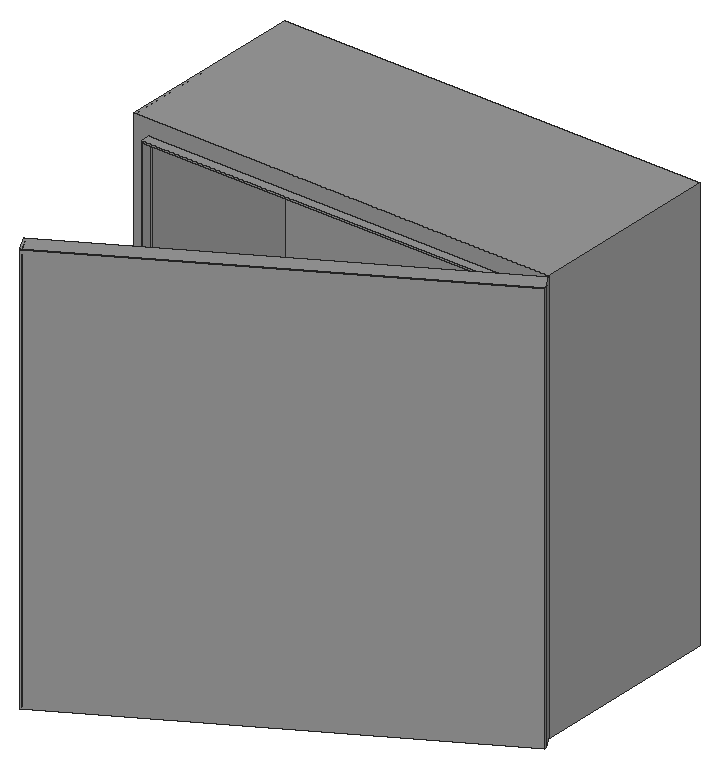
Revit family "Hager-Orion_Inox-IP65-D200-Cl.I-Inox_encl-630A-400mm-NoHosted-IT-it", category Equipement électrique, Revit 2020
Family settings
  Configuration du panneau = Deux colonnes, circuits au sein
  Cote de connecteur circulaire = Utiliser le diamètre
  Type d'élément = Tableau de raccordement
  Basée sur le plan de construction = Oui
  Toujours verticalement = Oui
  Couper avec des vides une fois chargée = Non
  Partagée = Non
  Point de calcul de pièce = Non
Parameters (values of type "incassato IP65 L400 A400 P200  - FL708BW")
  Width Control [instance] = if([EF000008 - Larghezza] > Min Width, [EF000008 - Larghezza], Min Width)  # 400 mm
  Commentaires du type = [HG000003 - Gamma]  # "Orion Inox"
  Thickness Door [instance] = if([EF009171 - spessore materiale porta/coperchio] > 3 mm, 3 mm, [EF009171 - spessore materiale porta/coperchio])  # 1.5 mm
  Seal Frame Offset [instance] = 17 mm  # constant formula
  Min Width [instance] = 100 mm  # constant formula
  Min Depth [instance] = (2 * [EF009170 - spessore materiale scatola]) + 1 mm  # 3.4 mm
  Min Height [instance] = 100 mm  # constant formula
  Internal Frame Depth [instance] = -(Door System Depth * 0.5)  # -9 mm
  Panel Name [instance] = ""  # (empty or 0)
  Model = ""
  HG000027 - Altezza dello zoccolo = 0 mm
  HG000026 - A pavimento = no
  HG000024 - Altezza della sezione inferiore = 600 mm
  HG000023 - Custodia a doppia sezione = no
  HG000016 - Visibilità delle porte nella vista 3D [instance] = yes
  HG000015 - Visibilità attraverso la porta [instance] = no
  HG000014 - Porta destra [instance] = yes
  HG000013 - Porta sinistra [instance] = not([HG000014 - Porta destra])  # no
  HG000012 - Angolo di apertura della porta [instance] = 30.00°
  HG000010 - Porte asimmetriche = no
  HG000009 - Porta doppia a battente = no
  HG000006 - Ad incasso = yes
  HG000004 - Codice produttore = "FL708BW"
  HG000003 - Gamma = "Orion Inox"
  HG000002 - Con porta = yes
  Frame Offset Bottom [instance] = 10 mm  # constant formula
  Frame Offset [instance] = 15 mm  # constant formula
  EF015940 - Coprire con rilascio di sovrapressione = no
  EF011959 - tipo di protezione (NEMA) = ""
  EF009554 - numero delle aperture per la piastra della flangia = 2
  EF009212 - esecuzione coperchio = "EV009916 - con taglio"
  EF009171 - spessore materiale porta/coperchio = 1.5 mm
  EF009170 - spessore materiale scatola = 1.2 mm
  EF008873 - corrente nominale (In) = 630 A
  EF007800 - adatto per parafulmine = no
  EF006306 - con serratura = yes
  EF006244 - coperchio/porta trasparente = no
  EF005474 - grado di protezione (IP) = "EV006421 - IP65"
  EF004464 - tipo di porta = "EV002646 - singolo"
  EF004427 - numero di moduli = 0
  EF004293 - resistenza agli urti = "EV008784 - IK10"
  EF003532 - adatto per uso esterno = yes
  EF002950 - Numero moduli DIN = 0
  EF001613 - Integrità del circuito = ""
  EF001596 - Attacco Lampada = "EV000166 - acciaio inossidabile"
  EF001131 - profondità interna = 200 mm
  EF001088 - possibilità di applicazione = no
  EF000437 - numero di ingressi per conduttori = 2
  EF000339 - tipo di copertura = "EV004216 - porta"
  EF000266 - numero di file = 0
  EF000218 - profondità di incasso = 0 mm
  EF000118 - con piastra di montaggio = yes
  EF000116 - numero RAL = ""
  EF000049 - profondità = 200 mm
  EF000040 - Altezza = 400 mm
  EF000008 - Larghezza = 400 mm
  EF000007 - colore = "EV000154 - altri"
  EF000003 - Tipo di montaggio = "EV001247 - apparente/incassato"
  Door System Leaf Tolerance [instance] = 1.5 mm  # constant formula
  Door System Depth [instance] = 18 mm  # constant formula
  Description = ""
  Default Elevation = 1219.2 mm
  Connector Offset [instance] = Height Control / 2  # 200 mm
  Fabricant = "Hager"  # constant formula
  Height Control [instance] = if([EF000040 - Altezza] > Min Height, [EF000040 - Altezza], Min Height)  # 400 mm
  Depth Control [instance] = if([EF000049 - profondità] > Min Depth, [EF000049 - profondità], Min Depth)  # 200 mm
Types (4, lengths in mm): name | Width Control | HG000006 - Ad incasso | HG000004 - Codice produttore | EF000008 - Larghezza
  apparente IP65 L300 A400 P200  - FL707BW | 300 | no | "FL707BW" | 300
  apparente IP65 L400 A400 P200  - FL708BW | 400 | no | "FL708BW" | 400
  incassato IP65 L300 A400 P200  - FL707BW | 300 | yes | "FL707BW" | 300
  incassato IP65 L400 A400 P200  - FL708BW | 400 | yes | "FL708BW" | 400
Reference planes
  plane 1 "Center (Front/Back)": y = 0
  plane 2: z = 0
  plane 3 "Center (Left/Right)": x = 0
  plane 4: y = 0
  plane 5: y = 0
  plane 6: z = 0
  plane 7: x = -200
  plane 8: x = 200
  plane 9: x = 198.8
  plane 10: x = -198.8
  plane 11: z = 0
  plane 12: z = 1.2
  plane 13: y = -200
  plane 14: y = -1.2
  plane 15: x = 0
  plane 16: y = -182
  plane 17: y = -198.8
  plane 18: y = -180.8
  plane 19: x = -183.8
  plane 20: x = 183.8
  plane 21: z = 11.2
  plane 22: x = -183
  plane 23: x = 183
  plane 24: z = 0
  plane 25: z = 400
  plane 26: z = 400
  plane 27: z = 383.8
  plane 28: z = 398.8
Forms (mm)
  Extrusion 1, solid, material "Hager_Stainless_Steel", detail levels medium+fine
    sketch origin (-208.679, -4572, 0) x (-1, 0, 0) y (0, -1, 0)
      loop
        line (-8.679, -4390) -> (-408.679, -4390) -> (-408.679, -4572) -> (-8.679, -4572) -> (-8.679, -4390)
    from 0 to 400
  Extrusion 2, void
    sketch origin (-350.771, -200, 1219.2) x (1, 0, 0) y (0, 0, 1)
      loop
        line (151.971, -820.4) -> (151.971, -1218) -> (549.571, -1218) -> (549.571, -820.4) -> (151.971, -820.4)
    from -19.2 to -198.8
  Extrusion 3, void
    sketch origin (-290.084, -182, 1219.2) x (1, 0, 0) y (0, 0, 1)
      loop
        line (106.284, -1208) -> (473.884, -1208) -> (473.884, -835.4) -> (106.284, -835.4) -> (106.284, -1208)
    from 0 to -1.2
  Extrusion 4, solid, material "Hager_Stainless_Steel", detail levels fine
    sketch origin (-290.084, -182, 1219.2) x (-1, 0, 0) y (0, 0, 1)
      loop
        line (-473.884, -1208) -> (-106.284, -1208) -> (-106.284, -835.4) -> (-473.884, -835.4) -> (-473.884, -1208)
      loop
        line (-475.384, -1209.5) -> (-104.784, -1209.5) -> (-104.784, -833.9) -> (-475.384, -833.9) -> (-475.384, -1209.5)
    from 0 to -9 <- "Internal Frame Depth"
  Extrusion 5, solid, material "Hager_Stainless_Steel", detail levels coarse
    sketch origin (0, 0, 0) x (1, 0, 0) y (0, 1, 0)
      loop
        line (-200, 0) -> (-200, -200) -> (200, -200) -> (200, 0) -> (-200, 0)
    from 0 to 400 <- "Height Control"
Cuts and joins
  Extrusion 2, Extrusion 3 cuts Extrusion 1
Lines and regions (mm)
  Masking region 1
    outline origin (0, 0, 0) x (1, 0, 0) y (0, 1, 0)
      loop
        line (-200, 0) -> (-200, -200) -> (200, -200) -> (200, 0) -> (-200, 0)
  Masking region 2
    outline origin (-290.084, -182, 1219.2) x (-1, 0, 0) y (0, 0, 1)
      loop
        line (-490.084, -1219.2) -> (-90.084, -1219.2) -> (-90.084, -819.2) -> (-490.084, -819.2) -> (-490.084, -1219.2)
  Masking region 3, detail levels coarse
    outline origin (0, 0, 0) x (0, 1, 0) y (0, 0, 1)
      loop
        line (0, 0) -> (0, 400) -> (-200, 400) -> (-200, 0) -> (0, 0)
  Masking region 4, detail levels medium+fine
    outline origin (0, 0, 594.038) x (0, 1, 0) y (0, 0, 1)
      loop
        line (0, -594.038) -> (0, -194.038) -> (-182, -194.038) -> (-182, -594.038) -> (0, -594.038)
Dimensions and locks
  locked: plane 1 "Center (Front/Back)" to plane 5
  "EF009170 - spessore materiale scatola": plane 7 to plane 10
  "EF009170 - spessore materiale scatola": plane 8 to plane 9
  equal spacing: plane 7, plane 3 "Center (Left/Right)", plane 8
  "Width Control": plane 7 to plane 8
  "Depth Control": plane 4 to plane 13
  "EF009170 - spessore materiale scatola": plane 4 to plane 14
  "Height Control": plane 25 to level
  "EF009170 - spessore materiale scatola": plane 12 to plane 11
  "EF009170 - spessore materiale scatola": plane 17 to plane 13
  "EF009170 - spessore materiale scatola": plane 18 to plane 16
  "Frame Offset Bottom": plane 21 to plane 12
  "Frame Offset": plane 10 to plane 19
  "Frame Offset": plane 9 to plane 20
  "Door System Depth": plane 16 to plane 13
  "Seal Frame Offset": plane 7 to plane 22
  "Seal Frame Offset": plane 8 to plane 23
  "EF009170 - spessore materiale scatola": plane 26 to plane 28
  "Frame Offset": plane 28 to plane 27
  "Connector Offset": plane 2 to connector elem
  "Thickness Door": cut or joined group of Extrusion 1, Extrusion 2, Extrusion 3 to Extrusion 4 sketch curve
  "Thickness Door": Extrusion 4 sketch curve to plane 19
  "Thickness Door": Extrusion 4 sketch curve to plane 20
  "Thickness Door": Extrusion 4 sketch curve to plane 27
  aligned and locked: plane 12 to Extrusion 2 sketch curve
  aligned and locked: Extrusion 2 sketch curve to plane 9
  aligned and locked: Extrusion 2 sketch curve to plane 10
  aligned and locked: plane 14 to Extrusion 2
  aligned and locked: plane 4 to Extrusion 1 sketch curve
  aligned and locked: plane 8 to Extrusion 1 sketch curve
  aligned and locked: plane 7 to Extrusion 1 sketch curve
  aligned and locked: Extrusion 2 to plane 18
  aligned and locked: plane 19 to Extrusion 3 sketch curve
  aligned and locked: plane 20 to Extrusion 3 sketch curve
  aligned and locked: Extrusion 3 to Extrusion 2
  aligned and locked: Extrusion 3 sketch curve to plane 21
  aligned and locked: plane 3 "Center (Left/Right)" to nested 1
  aligned and locked: Extrusion 1 sketch curve to plane 16
  aligned and locked: Masking region 1 sketch curve to plane 7
  aligned and locked: Masking region 1 sketch curve to plane 5
  aligned and locked: Masking region 1 sketch curve to plane 8
  aligned and locked: Masking region 2 sketch curve to level
  aligned and locked: level to Masking region 3 sketch curve
  aligned and locked: plane 1 "Center (Front/Back)" to Masking region 3 sketch curve
  aligned and locked: plane 13 to Masking region 3 sketch curve
  aligned and locked: Masking region 2 sketch curve to plane 8
  aligned and locked: Masking region 2 sketch curve to plane 7
  aligned and locked: plane 7 to nested 2
  aligned and locked: nested 2 to plane 5
  aligned and locked: plane 5 to Masking region 4 sketch curve
  aligned and locked: plane 26 to Masking region 4 sketch curve
  aligned and locked: Extrusion 5 sketch curve to plane 8
  aligned and locked: Extrusion 5 sketch curve to plane 7
  aligned and locked: Extrusion 5 sketch curve to plane 5
  aligned and locked: plane 27 to Extrusion 3 sketch curve
  aligned and locked: Extrusion 2 sketch curve to plane 28
  aligned and locked: plane 27 to Extrusion 4 sketch curve
  aligned and locked: Extrusion 4 sketch curve to plane 20
  aligned and locked: plane 21 to Extrusion 4 sketch curve
  aligned and locked: Extrusion 4 sketch curve to plane 19
  aligned and locked: Masking region 2 to plane 25
  aligned and locked: Masking region 4 sketch curve to plane 24
  aligned and locked: Masking region 1 to plane 13
  aligned and locked: nested 1 to plane 16
  aligned and locked: Masking region 3 to plane 25
  aligned and locked: Masking region 4 sketch curve to plane 16
  aligned and locked: plane 24 to plane 11
  aligned and locked: plane 26 to plane 25
  aligned and locked: level to plane 24
  aligned and locked: Extrusion 1 to Masking region 3
  aligned and locked: level to nested 1
Automatic sketch dimensions
  Extrusion 5 sketch curve to plane 13 = 0 mm
  plane 27 to Masking region 2 sketch curve = 16.2 mm
  plane 27 to Masking region 3 sketch curve = 16.2 mm
  Masking region 1 sketch curve to plane 13 = 0 mm
  Extrusion 3 sketch curve to plane 21 = 0 mm
  plane 19 to Extrusion 3 sketch curve = 0 mm
  Extrusion 3 sketch curve to plane 20 = 0 mm
Nested families
  nested 1: "EC000058_OrionInox_Door" at (0, -182, 0), Double <- "HG000009 - Porta doppia a battente", Transparent <- "EF006244 - coperchio/porta trasparente", Angle <- "HG000012 - Angolo di apertura della porta", Door_Right <- "HG000014 - Porta destra", Assymetrical <- "HG000010 - Porte asimmetriche", Door <- "HG000002 - Con porta", Width_Ctrl <- "Width Control", 3d_Door <- "HG000016 - Visibilità delle porte nella vista 3D", Clearance <- "HG000015 - Visibilità attraverso la porta", Door_Left <- "HG000013 - Porta sinistra", Width <- "Width Control", Door_Depth <- "Door System Depth", Leaf_Tolerance <- "Door System Leaf Tolerance", Height <- "Height Control", Thickness <- "Thickness Door", type "EC000058_OrionInox_Door", detail levels medium+fine
    with min_wh 4 mm, Width_Ctrl 400 mm, Width 400 mm, Transparent no, Thickness 1.5 mm, Seal_Material Hager_Rubber, Leaf_Width 400 mm, Leaf_Tolerance_External_Sides 0 mm, Leaf_Tolerance 1.5 mm, Leaf_Offset 0 mm, Leaf_Height 397 mm, Leaf_2_Width 400 mm, Leaf_2_Offset 200 mm, Leaf_1_Width 400 mm, Leaf_1_Offset 200 mm, Height_Ctrl 400 mm, Height 400 mm, Glass_Material Hager_Glass, Double_Clearance_Ctrl no, Double no, Door_Right_Ctrl yes, Door_Right yes, Door_Material Hager_Stainless_Steel, Door_Left_Ctrl no, Door_Left no, Door_Depth 18 mm, Door yes, Clearance_Material Hager_Clearance, Clearance_Depth 400 mm, Clearance_Ctrl no, Clearance no, Assymetrical no, Angle 30.00°, 3d_Door yes
  nested 2: "Hager_Enclosure_Symbol" at (-200, 0, 0), Height <- "Depth Control", Width <- "Width Control", type "Hager_Enclosure_Symbol"
    with Width_Ctrl 400 mm, Width 400 mm, Height_Ctrl 200 mm, Height 200 mm, A_Width_Int 13.125 mm, A_Width 157.5 mm, A_Height_Ctrl 175 mm, A_Height 175 mm
Connectors
  electrical at (0, 0, 200)
    settings: on plane 1 "Center (Front/Back)", index 1, voltage 0 V, apparent load 0 VA, apparent load phase1 0 VA, apparent load phase2 0 VA, apparent load phase3 0 VA, power factor 1, load classification "Other", number of poles 1, system type 30, power factor state 1, is connector primary yes, connector utility no, sub classification motor no, connector description ""
Definition of nested family "EC000058_OrionInox_Door"
  Parameters (values of type "EC000058_OrionInox_Door")
    min_wh [instance] = (2 * Thickness) + 1 mm  # 11 mm
    Width_Ctrl [instance] = 400 mm
    Width [instance] = 500 mm
    Transparent [instance] = yes
    Thickness [instance] = 5 mm
    Seal_Material [instance] = none
    Leaf_Width [instance] = if((Width_Ctrl - 2 * Leaf_Tolerance_External_Sides) > 0 mm, (Width_Ctrl - 2 * Leaf_Tolerance_External_Sides), min_wh)  # 400 mm
    Leaf_Tolerance_External_Sides [instance] = 0 mm  # constant formula
    Leaf_Tolerance [instance] = 1.5 mm
    Leaf_Offset [instance] = 0 mm  # constant formula
    Leaf_Height [instance] = if((Height_Ctrl - 2 * Leaf_Tolerance) > 0 mm, (Height_Ctrl - 2 * Leaf_Tolerance), min_wh)  # 497 mm
    Leaf_2_Width [instance] = if(and(and(Double, Assymetrical), Door_Left), (Leaf_Width / 3) - (Leaf_Tolerance / 2), if(and(and(Double, Assymetrical), Door_Right), (Leaf_Width / 3) * 2 - (Leaf_Tolerance / 2), if(and(Double, not(Assymetrical)), (Leaf_Width / 2) - Leaf_Tolerance, Leaf_Width)))  # 400 mm
    Leaf_2_Offset [instance] = if(and(Double, Assymetrical), Leaf_2_Width / 2, if(and(Double, not(Assymetrical)), Leaf_Width / 4, Leaf_Width / 2))  # 200 mm
    Leaf_1_Width [instance] = if(and(and(Double, Assymetrical), Door_Right), (Leaf_Width / 3) - (Leaf_Tolerance / 2), if(and(and(Double, Assymetrical), Door_Left), (Width / 3) * 2 - (Leaf_Tolerance / 2), if(and(Double, not(Assymetrical)), (Leaf_Width / 2) - Leaf_Tolerance, Leaf_Width)))  # 400 mm
    Leaf_1_Offset [instance] = if(and(Double, Assymetrical), Leaf_1_Width / 2, if(and(Double, not(Assymetrical)), Leaf_Width / 4, Leaf_Width / 2))  # 200 mm
    Height_Ctrl [instance] = if(Height > min_wh, Height, min_wh)  # 500 mm
    Height [instance] = 500 mm
    Glass_Material [instance] = none
    Double_Clearance_Ctrl [instance] = and(Double, Clearance)  # no
    Double [instance] = no
    Door_Right_Ctrl [instance] = and(or(Door_Right, Double), Door)  # yes
    Door_Right [instance] = yes
    Door_Material [instance] = none
    Door_Left_Ctrl [instance] = and(or(Door_Left, Double), Door)  # no
    Door_Left [instance] = no
    Door_Depth [instance] = 30 mm
    Door [instance] = yes
    Default Elevation = 1219.2 mm
    Clearance_Material [instance] = none
    Clearance_Depth [instance] = if(Leaf_1_Width > Leaf_2_Width, Leaf_1_Width, Leaf_2_Width)  # 400 mm
    Clearance_Ctrl [instance] = and(not(Double), Clearance)  # yes
    Clearance [instance] = yes
    Assymetrical [instance] = yes
    Angle [instance] = 30.00°
    3d_Door [instance] = yes
  Reference planes
    plane 1 "Center (Front/Back)": y = 0
    plane 2 "Bottom": z = 0
    plane 3 "Center (Left/Right)": x = 0
    plane 4: z = 500
    plane 5: x = -200
    plane 6: x = 200
    plane 7: z = 500
    plane 8: x = -200
    plane 9: z = 0
    plane 10: x = 200
    plane 11: y = 0
    plane 12: z = 1.5
    plane 13: x = -600
    plane 14: y = -400
    plane 15: x = 600
    plane 16: x = 0
    plane 17: x = 0
    plane 18: x = -200
    plane 19: x = 200
    plane 20: z = 498.5
  Forms (mm)
    Extrusion 1, solid, material <- "Clearance_Material", visible <- "Double_Clearance_Ctrl"
      sketch origin (1200, 0, 0) x (1, 0, 0) y (0, 0, -1)
        loop
          line (-1800, -498.5) -> (-600, -498.5) -> (-600, 0) -> (-1800, 0) -> (-1800, -498.5)
      from 0 to -400
  Dimensions and locks
    equal spacing: plane 5, plane 3 "Center (Left/Right)", plane 6
    "Width_Ctrl": plane 5 to plane 6
    "Leaf_Offset": plane 5 to plane 8
    "Leaf_Offset": plane 6 to plane 10
    "Leaf_Offset": plane 9 to level
    "Leaf_Offset": plane 4 to plane 7
    "Height_Ctrl": plane 4 to level
    "Leaf_Tolerance": plane 12 to plane 9
    locked: plane 11 to plane 1 "Center (Front/Back)"
    "Leaf_1_Offset": plane 18 to plane 16
    "Leaf_2_Offset": plane 17 to plane 19
    "Leaf_1_Width": plane 13 to plane 8
    "Leaf_2_Width": plane 10 to plane 15
    "Clearance_Depth": plane 14 to plane 1 "Center (Front/Back)"
    "Leaf_Tolerance_External_Sides": plane 8 to plane 18
    "Leaf_Tolerance_External_Sides": plane 19 to plane 10
    "Leaf_Tolerance": plane 7 to plane 20
    aligned and locked: level to plane 2 "Bottom"
    aligned and locked: nested 1 to plane 16
    aligned and locked: nested 2 to plane 17
    aligned and locked: Extrusion 1 to plane 13
    aligned and locked: plane 15 to Extrusion 1
    aligned and locked: Extrusion 1 to plane 14
    aligned and locked: plane 12 to nested 1
    aligned and locked: nested 2 to plane 12
    aligned and locked: Extrusion 1 to plane 11
    aligned and locked: plane 20 to Extrusion 1
    aligned and locked: nested 2 to plane 11
    aligned and locked: nested 1 to plane 11
  Automatic sketch dimensions
    Extrusion 1 sketch curve to level = 0 mm
    plane 5 to Extrusion 1 sketch curve = 400 mm
    plane 6 to Extrusion 1 sketch curve = 400 mm
    Extrusion 1 sketch curve to plane 4 = 1.5 mm
  Nested families
    nested 1: "EC000058_OrionInox_Door_Leaf" at (0, 0, 1.5), Width <- "Leaf_1_Width", visible <- "Door_Left_Ctrl", Leaf_Height <- "Leaf_Height", Angle <- "Angle", 3d_Door <- "3d_Door", Transparent <- "Transparent", Clearance Material <- "Clearance_Material", Clearance <- "Clearance_Ctrl", Door_Material <- "Door_Material", Glass_Material <- "Glass_Material", Door_Depth <- "Door_Depth", Seal_Material <- "Seal_Material", Thickness <- "Thickness", type "EC000058_OrionInox_Door_Leaf"
      with Width 400 mm, Transparent_Ctrl yes, Transparent yes, Thickness 5 mm, Standard no, Seal_Material none, Seal_D2 8 mm, Seal_D1 1 mm, Offset_Internal_Frame 10 mm, Lock_Width 28 mm, Lock_Thickness 2 mm, Lock_Radius 6 mm, Leaf_Height 497 mm, Internal_Seal_Thickness 8 mm, Internal_Seal_Depth_2 4.5 mm, Internal_Frame_Depth 25 mm, Glass_Thickness -1 mm, Glass_Offset -2 mm, Glass_Material none, Door_Material none, Door_Depth 30 mm, Clearance Material none, Clearance yes, Angle_Ctrl 30.00°, Angle 30.00°, 3d_Door yes
    nested 2: "EC000058_OrionInox_Door_Leaf" at (0, 0, 1.5) x (-1, 0, 0) z (0, 0, 1), Width <- "Leaf_2_Width", visible <- "Door_Right_Ctrl", Leaf_Height <- "Leaf_Height", Angle <- "Angle", 3d_Door <- "3d_Door", Transparent <- "Transparent", Clearance Material <- "Clearance_Material", Clearance <- "Clearance_Ctrl", Door_Material <- "Door_Material", Glass_Material <- "Glass_Material", Door_Depth <- "Door_Depth", Seal_Material <- "Seal_Material", Thickness <- "Thickness", type "EC000058_OrionInox_Door_Leaf"
      with Width 400 mm, Transparent_Ctrl yes, Transparent yes, Thickness 5 mm, Standard no, Seal_Material none, Seal_D2 8 mm, Seal_D1 1 mm, Offset_Internal_Frame 10 mm, Lock_Width 28 mm, Lock_Thickness 2 mm, Lock_Radius 6 mm, Leaf_Height 497 mm, Internal_Seal_Thickness 8 mm, Internal_Seal_Depth_2 4.5 mm, Internal_Frame_Depth 25 mm, Glass_Thickness -1 mm, Glass_Offset -2 mm, Glass_Material none, Door_Material none, Door_Depth 30 mm, Clearance Material none, Clearance yes, Angle_Ctrl 30.00°, Angle 30.00°, 3d_Door yes
  Definition of nested family "EC000058_OrionInox_Door_Leaf"
    Parameters (values of type "EC000058_OrionInox_Door_Leaf")
      Width [instance] = 450 mm
      Transparent_Ctrl [instance] = and(Transparent, [3d_Door])  # yes
      Transparent [instance] = yes
      Thickness [instance] = 5 mm
      Standard [instance] = and(not(Transparent), [3d_Door])  # no
      Seal_Material [instance] = none
      Seal_D2 [instance] = 8 mm  # constant formula
      Seal_D1 [instance] = 1 mm  # constant formula
      Offset_Internal_Frame [instance] = 10 mm  # constant formula
      Lock_Width [instance] = Door_Depth - Lock_Thickness  # 28 mm
      Lock_Thickness [instance] = 2 mm  # constant formula
      Lock_Radius [instance] = 6 mm  # constant formula
      Leaf_Height [instance] = 450 mm
      Internal_Seal_Thickness [instance] = 8 mm  # constant formula
      Internal_Seal_Depth_2 [instance] = 4.5 mm  # constant formula
      Internal_Frame_Depth [instance] = if(Door_Depth - Thickness > 5 mm, Door_Depth - Thickness, 5 mm)  # 25 mm
      Glass_Thickness [instance] = if(Thickness > 15 mm, Glass_Offset + 10 mm, -1 mm)  # -1 mm
      Glass_Offset [instance] = if(Thickness > 15 mm, -(Thickness + 10 mm) / 2, -2 mm)  # -2 mm
      Glass_Material [instance] = none
      Door_Material [instance] = none
      Door_Depth [instance] = 30 mm
      Default Elevation = 0 mm
      Clearance Material [instance] = none
      Clearance [instance] = yes
      Angle_Ctrl [instance] = if(Angle > 180.00°, 180.00°, Angle)  # 90.00°
      Angle [instance] = 90.00°
      3d_Door [instance] = yes
    Reference planes
      plane 1 "Center (Front/Back)": y = 0
      plane 2: z = 0
      plane 3 "Center (Left/Right)": x = 0
      plane 4: y = 450
      plane 5: x = -225
      plane 6: x = 225
      plane 7: x = -675
      plane 8: z = 450
      plane 9: z = 30
      plane 10: z = 420
      plane 11: x = 195
      plane 12: x = -195
      plane 13: y = -3
      plane 14: z = 107.833
      plane 15: y = -5
      plane 16: y = -223.314
      plane 17: x = -225
      plane 18: y = 30
    Forms (mm)
      Extrusion 1, solid, material <- "Clearance Material", visible <- "Clearance"
        sketch origin (0, 0, 0) x (1, 0, 0) y (0, 0, 1)
          loop
            line (-675, 450) -> (-675, 0) -> (225, 0) -> (225, 450) -> (-675, 450)
        from 0 to -450
      Extrusion 2, solid, material <- "Door_Material", visible <- "Standard", detail levels medium+fine
        sketch origin (-225, 0, 0) x (0, 1, 0) y (-1, 0, 0)
          loop
            line (0, 30) -> (0, 25) -> (450, 25) -> (450, 30) -> (0, 30)
        from 0 to 450 <- "Leaf_Height"
      Extrusion 3, solid, material <- "Door_Material", visible <- "Transparent_Ctrl", detail levels medium+fine
        sketch origin (-225, 0, 0) x (0, 1, 0) y (-1, 0, 0)
          loop
            line (0, 25) -> (450, 25) -> (450, 30) -> (0, 30) -> (0, 25)
        from 0 to 450 <- "Leaf_Height"
      Extrusion 4, void
        sketch origin (-250, 450, 0) x (0, 1, 0) y (0, 0, -1)
          loop
            line (-30, -420) -> (-30, -30) -> (-420, -30) -> (-420, -420) -> (-30, -420)
        from 0 to 5 <- "Thickness"
      Sweep 5, solid, material <- "Seal_Material", visible <- "Transparent_Ctrl", detail levels fine
        path in 3D
          loop
            line (-250, 30, 30) -> (-250, 30, 420) -> (-250, 420, 420) -> (-250, 420, 30) -> (-250, 30, 30)
        profile origin (-250, 225, 30) x (1, 0, 0) y (0, 0, 1)
          loop
            line (0, 0) -> (0, -8) -> (1, -8) -> (1, 0) -> (0, 0)
      Extrusion 6, solid, material <- "Glass_Material", visible <- "Transparent_Ctrl", detail levels medium+fine
        sketch origin (-255, 0, 0) x (0, 1, 0) y (0, 0, -1)
          loop
            line (420, -420) -> (420, -30) -> (30, -30) -> (30, -420) -> (420, -420)
        from -2 <- "Glass_Offset" to -1 <- "Glass_Thickness"
      Extrusion 7, solid, material <- "Door_Material", visible <- "3d_Door", detail levels medium+fine
        sketch origin (-250, 450, 0) x (0, -1, 0) y (0, 0, -1)
          loop
            line (0, -450) -> (450, -450) -> (450, 0) -> (0, 0) -> (0, -450)
          loop
            line (445, -5) -> (5, -5) -> (5, -445) -> (445, -445) -> (445, -5)
        from 0 to 25 <- "Internal_Frame_Depth"
      Sweep 8, solid, material <- "Seal_Material", visible <- "Transparent_Ctrl", detail levels fine
        path in 3D
          loop
            line (-250, 0, 0) -> (-250, 450, 0) -> (-250, 450, 450) -> (-250, 0, 450) -> (-250, 0, 0)
        profile origin (-250, 0, 225) x (1, 0, 0) y (0, 1, 0)
          loop
            line (0, 10) -> (2.975, 10)
            arc (2.975, 10) -> (4.053, 10.447) -> (4.5, 11.525) r 1.525
            line (4.5, 11.525) -> (4.5, 16.527)
            arc (4.5, 16.527) -> (4.069, 17.569) -> (3.027, 18) r 1.473
            line (3.027, 18) -> (0, 18) -> (0, 10)
    Cuts and joins
      Extrusion 4 cuts Extrusion 3
    Lines and regions (mm)
      Masking region 1, detail levels medium+fine
        outline origin (0, 0, 0) x (0, 1, 0) y (0, 0, 1)
          loop
            line (0, 0) -> (30, 0) -> (30, 450) -> (0, 450) -> (0, 0)
      Masking region 2, detail levels medium+fine
        outline origin (0, 0, 0) x (1, 0, 0) y (0, 0, 1)
          loop
            line (-225, 450) -> (-225, 0) -> (225, 0) -> (225, 450) -> (-225, 450)
      symbolic lines
        curve 1: line (225, 0, 0) -> (-675, 0, 0)
        curve 2: arc (225, 0, 0) -> (-225, 450, 0) -> (-675, 0, 0) r 450
        curve 4: line (-255, 0, 0) -> (-255, 450, 0)
      reference lines
        curve 3: line (-225, 0, 0) -> (-225, 450, 0)
      symbolic lines, detail levels medium+fine
        curve 5: line (-255, 450, 0) -> (-250, 450, 0)
        curve 7: line (-250, 0, 0) -> (-255, 0, 0)
        curve 8: line (-250, 0, 0) -> (-225, 0, 0)
        curve 9: line (-225, 0, 0) -> (-225, 450, 0)
        curve 10: line (-225, 450, 0) -> (-250, 450, 0)
      symbolic lines, detail levels fine
        curve 6: line (-250, 450, 0) -> (-250, 0, 0)
      sketch lines
        curve 11: line (-250, 0, 450) -> (-250, 0, 0)
        curve 12: line (-250, 450, 0) -> (-250, 0, 0)
        curve 13: line (-250, 450, 450) -> (-250, 450, 0)
        curve 14: line (-250, 0, 450) -> (-250, 450, 450)
        curve 15: line (-250, 420, 30) -> (-250, 30, 30)
        curve 16: line (-250, 30, 30) -> (-250, 30, 420)
        curve 17: line (-250, 420, 420) -> (-250, 420, 30)
        curve 18: line (-250, 30, 420) -> (-250, 420, 420)
      symbolic lines, visible <- "Transparent", detail levels medium+fine
        curve 19: line (-195, 0, 420) -> (195, 0, 420)
        curve 20: line (-195, 0, 30) -> (-195, 0, 420)
        curve 21: line (195, 0, 30) -> (-195, 0, 30)
        curve 22: line (195, 0, 420) -> (195, 0, 30)
    Dimensions and locks
      "Width": plane 1 "Center (Front/Back)" to plane 4
      equal spacing: plane 5, plane 3 "Center (Left/Right)", plane 6
      "Width": plane 5 to plane 6
      "Width": plane 7 to plane 5
      "Leaf_Height": plane 8 to level
      "Width": curve 5 to curve 3
      "Width": curve 3 to curve 3
      plane 8 to plane 10 = 30 mm
      plane 9 to level = 30 mm
      plane 12 to plane 5 = 30 mm
      plane 6 to plane 11 = 30 mm
      Extrusion 4 sketch curve to Extrusion 3 = 30 mm
      Extrusion 3 to Extrusion 4 sketch curve = 30 mm
      Extrusion 1 to Extrusion 4 sketch curve = 30 mm
      curve 3 to Extrusion 4 sketch curve = 30 mm
      Extrusion 4 sketch curve to cut or joined group of Extrusion 3, Extrusion 4 = 30 mm
      cut or joined group of Extrusion 3, Extrusion 4 to Extrusion 6 sketch curve = 30 mm
      cut or joined group of Extrusion 3, Extrusion 4 to Extrusion 4 sketch curve = 30 mm
      "Thickness": curve 6 to curve 4
      "Thickness": Extrusion 7 sketch curve to Extrusion 7 sketch curve  (x4)
      "Door_Depth": curve 4 to curve 3
      "Offset_Internal_Frame": profile plane to Sweep 8 sketch curve
      "Internal_Seal_Thickness": Sweep 8 sketch curve to Sweep 8 sketch curve
      "Internal_Seal_Depth_2": profile plane to Sweep 8 sketch curve
      "Seal_D1": profile plane to Sweep 5 sketch curve
      "Seal_D2": profile plane to Sweep 5 sketch curve
      "Thickness": Extrusion 2 sketch curve to Extrusion 2 sketch curve
      "Door_Depth": plane 18 to plane 1 "Center (Front/Back)"
      radius of Sweep 8 sketch curve = 1.525 mm
      radius of Sweep 8 sketch curve = 1.473 mm
      "Angle_Ctrl": angle plane 1 "Center (Front/Back)" to curve 3
      aligned and locked: level to plane 2
      aligned and locked: Extrusion 1 to curve 1
      aligned and locked: plane 6 to Extrusion 1
      aligned and locked: plane 1 "Center (Front/Back)" to Extrusion 1
      aligned and locked: plane 4 to Extrusion 1
      aligned and locked: plane 8 to Extrusion 1
      aligned and locked: curve 7 to Extrusion 2 sketch curve
      aligned and locked: curve 5 to Extrusion 2 sketch curve
      aligned and locked: curve 7 to Extrusion 3 sketch curve
      aligned and locked: Extrusion 3 sketch curve to curve 4
      aligned and locked: Extrusion 3 sketch curve to curve 6
      aligned and locked: Extrusion 3 sketch curve to curve 5
      aligned and locked: curve 9 to curve 3
      aligned and locked: Extrusion 7 sketch curve to cut or joined group of Extrusion 3, Extrusion 4  (x4)
      aligned and locked: plane 17 to curve 3
      aligned and locked: plane 1 "Center (Front/Back)" to curve 3
      aligned and locked: plane 17 to plane 5
      aligned and locked: Sweep 8 sketch curve to profile plane
      aligned and locked: Sweep 5 sketch curve to profile plane  (x2)
      aligned and locked: plane 1 "Center (Front/Back)" to Masking region 1 sketch curve
      aligned and locked: plane 18 to Masking region 1 sketch curve
      aligned and locked: level to Masking region 1 sketch curve
      aligned and locked: Masking region 1 sketch curve to plane 8
      aligned and locked: plane 17 to Masking region 2 sketch curve
      aligned and locked: level to Masking region 2 sketch curve
      aligned and locked: Masking region 2 sketch curve to plane 8
      aligned and locked: plane 12 to curve 20
      aligned and locked: plane 10 to curve 19
      aligned and locked: plane 11 to curve 22
      aligned and locked: plane 9 to curve 21
      aligned and locked: Extrusion 2 sketch curve to cut or joined group of Extrusion 3, Extrusion 4
    Automatic sketch dimensions
      plane 1 "Center (Front/Back)" to curve 2 = 0 mm
      curve 2 to plane 5 = 0 mm
      Extrusion 1 sketch curve to level = 0 mm
      Extrusion 1 sketch curve to plane 7 = 0 mm
      Extrusion 1 sketch curve to plane 6 = 0 mm
      Extrusion 1 sketch curve to plane 8 = 0 mm
      Extrusion 3 to Extrusion 6 sketch curve = 30 mm  (x4)
      Masking region 2 sketch curve to plane 6 = 0 mm
      curve 4 to curve 3 = 0 mm
Definition of nested family "Hager_Enclosure_Symbol"
  Parameters (values of type "Hager_Enclosure_Symbol")
    Width_Ctrl [instance] = if(Width > 1 mm, Width, 1 mm)  # 102.27 mm
    Width [instance] = 102.27 mm
    Height_Ctrl [instance] = if(Height > 1 mm, Height, 1 mm)  # 66.5 mm
    A_Width_Int [instance] = if(A_Width / 12 > 2 mm, A_Width / 12, 2 mm)  # 4.364 mm
    A_Width [instance] = if(A_Height_Ctrl * 0.9 > 2 mm, A_Height_Ctrl * 0.9, 2 mm)  # 52.369 mm
    A_Height_Ctrl [instance] = if(A_Height > 2 mm, A_Height, 2 mm)  # 58.188 mm
    Height [instance] = 66.5 mm
    A_Height [instance] = Height - (Height / 8)  # 58.188 mm
  Reference planes
    plane 1 "Centre (avant/arrière)": y = 0
    plane 2: z = 0
    plane 3 "Centre (gauche/droite)": x = 0
    plane 4: x = 52.369
    plane 5: y = 33.042
    plane 6: y = 41.77
    plane 7: y = 66.5
    plane 8: x = 26.184
    plane 9: y = 37.406
    plane 10: x = 102.27
    plane 11: y = 66.5
    plane 12: y = 8.313
  Lines and regions (mm)
    Filled region 1, type "Solid_Black", in view "Niveau de réf."
      outline origin (0, 0, 0) x (1, 0, 0) y (0, 1, 0)
        loop
          line (52.369, 66.5) -> (33.188, 54.536) -> (45.365, 45.006) -> (52.369, 66.5)
    Filled region 2, type "Solid_Black", in view "Niveau de réf."
      outline origin (0, 0, 0) x (1, 0, 0) y (0, 1, 0)
        loop
          line (0, 0) -> (102.27, 0) -> (102.27, 66.5) -> (0, 0)
    detail lines, in view "Niveau de réf."
      curve 1: line (0, 8.313, 0) -> (26.184, 41.77, 0)
      curve 2: line (26.184, 41.77, 0) -> (26.184, 33.042, 0)
      curve 3: line (26.184, 33.042, 0) -> (52.369, 66.5, 0)
  Dimensions and locks
    "A_Width": plane 3 "Centre (gauche/droite)" to plane 4
    equal spacing: plane 3 "Centre (gauche/droite)", plane 8, plane 4
    equal spacing: plane 6, plane 9, plane 5
    equal spacing: curve 3, Filled region 1 sketch curve, Filled region 1 sketch curve
    "Height_Ctrl": plane 1 "Centre (avant/arrière)" to plane 11
    "A_Height_Ctrl": plane 11 to plane 12
    equal spacing: plane 11, plane 9, plane 12
    "A_Width_Int": plane 6 to plane 9
    "Width_Ctrl": plane 3 "Centre (gauche/droite)" to plane 10
    angle Filled region 1 sketch curve to curve 3 = 20.00°
    angle curve 3 to Filled region 1 sketch curve = 20.00°
    locked: curve 3 to Filled region 1 sketch curve (angle 90.00°)
    aligned and locked: plane 10 to Filled region 2
    aligned and locked: plane 11 to Filled region 2 sketch curve
    aligned and locked: plane 10 to Filled region 2 sketch curve
    aligned and locked: plane 3 "Centre (gauche/droite)" to curve 1
    aligned and locked: plane 12 to curve 1
    aligned and locked: plane 7 to plane 11
  Automatic sketch dimensions
    Filled region 1 sketch curve to plane 4 = 0 mm
    Filled region 1 sketch curve to plane 7 = 0 mm
    plane 1 "Centre (avant/arrière)" to Filled region 2 sketch curve = 0 mm
    Filled region 2 sketch curve to plane 3 "Centre (gauche/droite)" = 0 mm
    curve 2 to plane 6 = 0 mm
    curve 2 to plane 8 = 0 mm
    curve 3 to plane 4 = 0 mm
    curve 2 to plane 5 = 0 mm
    curve 3 to plane 7 = 0 mm
